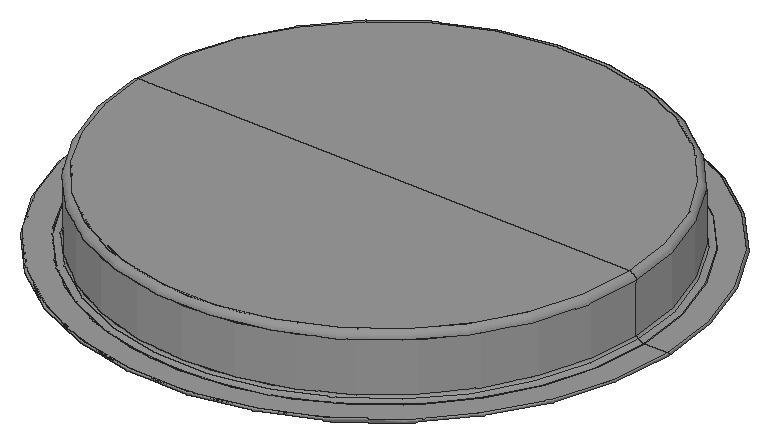
Revit family "MIA12_63_UN_Downlighter_ETK", category Lighting Fixtures, Revit 2017 (continued)
Definition of nested family "MIA.1 - Lightsource"
  Types (8, lengths in mm): name | Wattage | built-in parameter 1150134 | Photometric Web File | built-in parameter 1150142 | built-in parameter 1150105 | Lumens | built-in parameter 1150107 | built-in parameter 1150106
    MIA.1260.25/35 -  Ø180 / 10W / 1100lm / 4000K | 7.40531 W | 12 | "MIA.1263.25_LDT.ies" | "IESNA91\r\n[MANUFAC]  www.etk.nl\r\n[LUMCAT] MIA.1263.25\r\n[LUMINAIRE] MIA.1 LED 10W 4000K ø180 1000Lm alu  Dimbaar DALI\r\n[LAMP] LED\r\n[CHANGED] this file converted to 'ies' from 'ldt' by IES Viewer v2.99n    (C) Andrey Legotin\r\nTILT=NONE\r\n1 1050 1.05 181 24 1 2 0 -0.16 0\r\n1 1 10\r\n0 1 2 3 4 5 6 7 8 9 10 11 12 13 14 15 16 17 18 19 20 21 22 \r\n23 24 25 26 27 28 29 30 31 32 33 34 35 36 37 38 39 40 41 42 \r\n43 44 45 46 47 48 49 50 51 52 53 54 55 56 57 58 59 60 61 62 \r\n63 64 65 66 67 68 69 70 71 72 73 74 75 76 77 78 79 80 81 82 \r\n83 84 85 86 87 88 89 90 91 92 93 94 95 96 97 98 99 100 101 \r\n102 103 104 105 106 107 108 109 110 111 112 113 114 115 116 \r\n117 118 119 120 121 122 123 124 125 126 127 128 129 130 131 \r\n132 133 134 135 136 137 138 139 140 141 142 143 144 145 146 \r\n147 148 149 150 151 152 153 154 155 156 157 158 159 160 161 \r\n162 163 164 165 166 167 168 169 170 171 172 173 174 175 176 \r\n177 178 179 180 \r\n0 15 30 45 60 75 90 105 120 135 150 165 180 195 210 225 240 \r\n255 270 285 300 315 330 345 \r\n346.7666 346.96 346.9237 346.8029 346.1864 346.1139 \r\n345.4611 344.9293 344.1073 343.7931 342.8381 341.5206 \r\n340.2635 338.6317 336.9394 334.9934 332.5879 331.4638 \r\n329.7474 327.3661 325.1541 322.652 320.5125 317.95 314.9523 \r\n312.4018 309.4524 306.3459 303.0098 300.0121 296.9539 \r\n293.2189 289.5322 285.8697 282.0742 278.2546 274.6283 \r\n270.7845 266.8198 262.4199 258.3706 253.9466 249.5588 \r\n245.2315 240.2393 235.6219 230.9924 226.387 222.0839 \r\n216.6203 211.3381 206.5031 201.3659 196.3858 190.9223 \r\n185.8334 180.3941 175.0635 169.6483 163.8342 159.0112 \r\n153.318 147.4193 142.0525 136.4559 130.8473 125.0695 \r\n119.3884 113.7314 108.0865 102.4417 96.9298 91.3212 85.5675 \r\n80.1402 74.6283 69.1285 63.4715 58.1651 52.7257 47.3951 \r\n42.2217 37.0241 31.9231 26.8343 21.8421 16.9588 12.1721 \r\n7.5063 3.1911 0.7857 0.133 0.1209 0.1209 0.1209 0.1209 \r\n0.1209 0.1209 0.1209 0.1209 0.1209 0.133 0.1451 0.1571 \r\n0.1571 0.1692 0.1692 0.1813 0.1813 0.2055 0.2055 0.2176 \r\n0.2297 0.2418 0.2538 0.2659 0.2659 0.278 0.278 0.2901 \r\n0.3022 0.3264 0.3264 0.3143 0.3264 0.3385 0.3505 0.3505 \r\n0.3626 0.3747 0.3868 0.3868 0.3989 0.411 0.411 0.411 0.4352 \r\n0.4352 0.4352 0.4472 0.4472 0.4593 0.4714 0.4714 0.4835 \r\n0.4956 0.4956 0.4956 0.5077 0.5077 0.5077 0.5077 0.5198 \r\n0.5198 0.5198 0.5319 0.5319 0.5319 0.5319 0.5319 0.5319 \r\n0.5319 0.5319 0.5319 0.5319 0.5319 0.5319 0.556 0.556 0.556 \r\n0.556 0.6044 0.6165 0.6406 0.6406 0.6527 0.6527 0.6527 \r\n0.6527 0.6527 0.6406 \r\n348.3742 347.7578 349.2083 348.2413 348.0962 346.9842 \r\n346.5248 345.9084 346.0172 344.8326 343.6964 343.6722 \r\n341.0734 340.3119 338.2812 336.3472 334.5582 332.9868 \r\n331.1374 328.3936 327.2936 324.5739 321.3828 319.6059 \r\n316.4632 313.7314 311.4469 307.7602 305.0526 301.9098 \r\n298.6341 295.1287 291.7442 287.7674 284.5401 280.5633 \r\n276.9733 273.3954 269.0801 264.6924 260.6551 256.6421 \r\n252.1818 247.1776 243.092 238.535 234.0868 229.3122 \r\n224.4772 218.8807 213.2842 207.6877 202.5867 197.6067 \r\n192.7958 187.5378 181.9413 176.3447 170.8933 165.466 \r\n160.0266 154.6356 149.0632 143.4667 137.9669 132.455 \r\n126.931 120.7784 115.1698 109.6337 103.9768 98.2594 92.5299 \r\n86.9213 81.4094 75.9579 70.3856 64.9462 59.4585 54.14 \r\n48.7731 43.503 38.2086 33.0835 28.0189 23.063 18.0708 \r\n13.1875 8.4854 3.9889 1.1483 0.0967 0.0967 0.1088 0.1088 \r\n0.1088 0.1209 0.1209 0.1209 0.133 0.1451 0.1571 0.1692 \r\n0.1692 0.1813 0.1934 0.1934 0.2055 0.2176 0.2297 0.2297 \r\n0.2418 0.2538 0.2659 0.278 0.278 0.2901 0.3022 0.3143 \r\n0.3264 0.3264 0.3385 0.3505 0.3626 0.3626 0.3626 0.3747 \r\n0.3868 0.3989 0.3989 0.411 0.4231 0.4231 0.4352 0.4352 \r\n0.4472 0.4593 0.4593 0.4714 0.4714 0.4835 0.4956 0.5077 \r\n0.5077 0.5077 0.5077 0.5077 0.5319 0.5319 0.5319 0.5319 \r\n0.5319 0.5319 0.5319 0.5319 0.5319 0.5319 0.5439 0.5439 \r\n0.5439 0.5439 0.5439 0.5439 0.5439 0.556 0.556 0.556 0.5681 \r\n0.5681 0.5802 0.6044 0.6044 0.6165 0.6165 0.6165 0.6286 \r\n0.6286 0.6406 0.6286 0.6286 0.6406 \r\n347.794 348.1083 348.0479 347.7336 347.5402 347.6973 \r\n346.8512 346.0293 345.7512 344.5667 343.7326 342.5964 \r\n341.2426 340.0218 338.5229 336.9394 335.0538 333.4341 \r\n331.5363 329.2518 327.5837 324.719 322.2048 319.896 \r\n317.1401 313.816 311.193 308.3887 305.3427 301.8494 \r\n298.8396 295.2133 291.297 288.263 284.528 280.6237 276.6348 \r\n273.1415 269.4669 265.466 260.3409 256.5333 251.7104 \r\n247.0809 242.8865 238.8372 234.2198 228.9617 224.2717 \r\n219.2917 213.9369 209.2711 204.5207 198.9121 193.6178 \r\n188.5289 183.2346 177.3722 172.1383 166.6747 161.1749 \r\n156.1102 150.2115 144.5546 138.8614 133.3495 127.9101 \r\n121.9872 116.4511 110.7579 105.0647 99.3714 93.9562 88.3476 \r\n82.8357 77.1909 71.6306 66.1187 60.776 55.2037 49.7885 \r\n44.5908 39.3086 34.0868 28.9738 23.9333 18.9532 14.1182 \r\n9.3074 4.7625 1.4747 0.133 0.1209 0.1209 0.1209 0.1209 \r\n0.1209 0.1209 0.1209 0.1209 0.1209 0.1209 0.1451 0.1571 \r\n0.1571 0.1571 0.1692 0.1813 0.1934 0.2055 0.2055 0.2176 \r\n0.2297 0.2418 0.2418 0.2538 0.2659 0.278 0.278 0.2901 \r\n0.3022 0.3143 0.3264 0.3264 0.3264 0.3264 0.3385 0.3505 \r\n0.3626 0.3626 0.3868 0.3868 0.3989 0.3989 0.411 0.411 \r\n0.4352 0.4352 0.4352 0.4472 0.4472 0.4593 0.4714 0.4714 \r\n0.4835 0.4956 0.4956 0.5077 0.5077 0.5077 0.5077 0.5077 \r\n0.5198 0.5198 0.5319 0.5319 0.5319 0.5319 0.5319 0.5319 \r\n0.5439 0.5439 0.5439 0.5439 0.5439 0.5439 0.5439 0.556 \r\n0.556 0.556 0.5681 0.6044 0.6286 0.6406 0.6527 0.6648 \r\n0.6648 0.6769 0.6769 0.6648 0.6406 \r\n346.5369 347.8666 347.2017 346.4161 346.3798 346.4886 \r\n346.3677 345.8359 344.8205 344.7963 343.5755 342.0887 \r\n340.88 339.6591 338.8009 337.701 334.9208 332.9868 330.8594 \r\n328.865 327.487 324.2355 322.3861 319.6422 317.539 315.1819 \r\n311.2897 308.0019 304.7504 302.3087 299.166 295.999 \r\n292.2761 289.0971 285.7367 281.8808 277.7106 274.0602 \r\n269.89 265.7198 261.6826 257.0893 252.762 249.2929 244.0832 \r\n239.4416 234.7758 230.1946 225.553 220.0169 214.4688 \r\n208.9448 204.0977 199.0209 193.8595 188.6136 182.9929 \r\n177.6744 172.38 166.8923 161.465 156.1465 150.5137 144.893 \r\n139.369 133.7121 127.6804 122.3136 116.7533 111.0963 \r\n105.5482 99.7462 94.1376 88.4564 82.9808 77.3963 71.7515 \r\n66.4209 60.8365 55.6388 50.1511 44.8205 39.5383 34.4978 \r\n29.3485 24.3201 19.2917 14.36 9.6821 5.0284 1.5956 0.1088 \r\n0.0967 0.1088 0.1088 0.1209 0.1209 0.1209 0.133 0.1451 \r\n0.1451 0.1571 0.1571 0.1813 0.1813 0.1934 0.1934 0.2055 \r\n0.2176 0.2297 0.2418 0.2418 0.2538 0.2659 0.278 0.2901 \r\n0.2901 0.3143 0.3143 0.3264 0.3385 0.3385 0.3505 0.3626 \r\n0.3626 0.3747 0.3747 0.3868 0.3868 0.3989 0.411 0.4231 \r\n0.4231 0.4231 0.4352 0.4352 0.4352 0.4472 0.4593 0.4593 \r\n0.4714 0.4835 0.4956 0.5077 0.5077 0.5077 0.5198 0.5198 \r\n0.5198 0.5198 0.5198 0.5198 0.5198 0.5319 0.5319 0.5319 \r\n0.5319 0.5319 0.5319 0.5319 0.5439 0.5439 0.5439 0.5439 \r\n0.556 0.556 0.5681 0.5681 0.5802 0.5923 0.6044 0.6044 \r\n0.6165 0.6165 0.6286 0.6286 0.6406 0.6406 0.6406 0.6406 \r\n0.6406 \r\n347.0688 347.5402 348.0358 348.3501 348.2413 347.1655 \r\n346.7787 347.2259 345.8721 345.0381 343.9744 342.3788 \r\n341.3514 339.6229 338.7526 337.3142 335.1988 333.0956 \r\n330.8836 329.0221 327.1123 324.7069 322.2168 319.1708 \r\n317.1401 314.5655 311.3139 308.7151 305.3669 302.212 \r\n299.2747 295.5397 291.986 288.6377 284.9631 280.9017 \r\n277.348 273.5646 269.7208 265.611 261.1024 256.9201 \r\n252.4115 247.6611 243.2733 238.8734 233.7363 229.3606 \r\n224.586 219.3279 214.6863 209.5975 204.6416 199.3714 \r\n194.4035 189.0487 183.4159 178.1458 172.7306 166.9527 \r\n161.6584 156.2553 150.6829 145.0502 139.4778 133.8813 \r\n128.321 122.5553 117.1401 111.4469 105.7416 100.0363 \r\n94.3914 88.5894 83.1863 77.6139 72.0053 66.6143 60.9573 \r\n55.663 50.3324 45.0018 39.8163 34.5703 29.4331 24.4168 \r\n19.4246 14.5413 9.7667 5.1735 1.6439 0.1692 0.1209 0.1088 \r\n0.1088 0.1088 0.1088 0.1088 0.1088 0.1088 0.1209 0.1209 \r\n0.1451 0.1451 0.1571 0.1571 0.1692 0.1813 0.1813 0.2055 \r\n0.2176 0.2176 0.2297 0.2297 0.2418 0.2538 0.2659 0.278 \r\n0.278 0.2901 0.3022 0.3264 0.3264 0.3264 0.3264 0.3385 \r\n0.3505 0.3505 0.3626 0.3747 0.3747 0.3868 0.3989 0.411 \r\n0.411 0.411 0.4352 0.4352 0.4472 0.4352 0.4352 0.4472 \r\n0.4472 0.4593 0.4593 0.4714 0.4714 0.4956 0.4956 0.5077 \r\n0.5077 0.5077 0.5198 0.5198 0.5198 0.5319 0.5319 0.5319 \r\n0.5319 0.5319 0.5319 0.5319 0.5319 0.5319 0.5319 0.5439 \r\n0.5439 0.5439 0.556 0.556 0.5681 0.6044 0.6286 0.6406 \r\n0.6527 0.6648 0.6769 0.6769 0.6769 0.6648 0.6406 \r\n347.794 348.1687 348.2654 347.4677 348.2171 347.238 \r\n347.3105 347.3105 345.6425 345.0743 343.9502 343.2975 \r\n341.9074 340.1185 338.7888 337.3504 335.7186 333.7 331.633 \r\n329.8078 327.7408 325.0453 322.7124 320.0894 317.5632 \r\n314.3962 312.3414 308.5459 305.8262 302.3329 299.7824 \r\n296.3133 293.0134 289.4597 285.4345 281.9896 277.904 \r\n274.4712 270.3493 266.6022 262.2628 257.6695 253.1125 \r\n248.8577 244.6392 239.8888 235.3197 230.3759 225.8189 \r\n220.2708 214.7226 209.1744 203.9043 198.9605 193.8716 \r\n188.6015 183.2588 177.7832 172.3438 167.0615 161.5134 \r\n155.9289 150.3203 144.5788 139.1394 133.4462 127.8134 \r\n122.1322 116.4995 110.7579 105.1855 99.6374 93.92 88.3114 \r\n82.7874 76.9491 71.3889 66.0703 60.5584 55.2158 49.8852 \r\n44.5304 39.2723 34.0505 28.9496 23.9454 18.929 14.1061 \r\n9.3557 4.7625 1.4505 0.1088 0.1088 0.1088 0.1088 0.1209 \r\n0.1209 0.1209 0.133 0.1451 0.1571 0.1571 0.1692 0.1813 \r\n0.1813 0.1934 0.2055 0.2176 0.2176 0.2297 0.2418 0.2538 \r\n0.2659 0.2659 0.278 0.2901 0.3022 0.3143 0.3264 0.3264 \r\n0.3385 0.3505 0.3505 0.3626 0.3626 0.3747 0.3747 0.3989 \r\n0.3989 0.411 0.4231 0.4352 0.4352 0.4352 0.4472 0.4472 \r\n0.4593 0.4714 0.4714 0.4835 0.4835 0.4956 0.5077 0.5077 \r\n0.5077 0.5198 0.5077 0.5198 0.5198 0.5319 0.5319 0.5319 \r\n0.5319 0.5319 0.5319 0.5319 0.5319 0.5319 0.5319 0.5439 \r\n0.5439 0.5439 0.5439 0.556 0.556 0.5681 0.5681 0.5802 \r\n0.5802 0.5923 0.6044 0.6165 0.6286 0.6286 0.6406 0.6406 \r\n0.6527 0.6648 0.6527 0.6527 0.6406 \r\n347.4918 347.4556 347.0325 346.9842 346.5611 346.2589 \r\n344.7842 343.3579 342.959 342.2338 341.025 339.9613 \r\n338.6438 336.9515 335.1868 333.3253 331.5363 329.699 \r\n327.4387 324.586 322.0355 320.3554 317.6599 314.3962 \r\n312.1963 309.1502 306.08 302.9494 299.6011 296.7243 \r\n293.6299 289.7256 286.0389 282.8841 279.4029 275.3656 \r\n271.7877 267.5571 263.3627 259.2893 254.8773 250.9489 \r\n246.3314 242.0283 237.4109 232.9626 228.3694 223.6553 \r\n218.2401 212.8128 207.3855 202.0065 197.5946 192.1794 \r\n187.2235 182.1709 176.8645 171.6548 166.5297 161.054 \r\n155.4938 150.0665 144.8447 139.5141 133.8692 128.1035 \r\n122.7004 117.1643 111.7853 106.2976 100.8703 95.3705 \r\n89.9553 84.5038 79.2457 73.6976 68.2098 63.0726 57.7058 \r\n52.5565 47.3589 42.3426 37.3021 32.3462 27.4628 22.6278 \r\n17.9016 13.1996 8.6667 4.2669 1.2571 0.0484 0.0604 0.0604 \r\n0.0725 0.0604 0.0725 0.0846 0.0846 0.0967 0.0967 0.1088 \r\n0.1209 0.1209 0.133 0.1451 0.1451 0.1571 0.1692 0.1813 \r\n0.1813 0.1934 0.2055 0.2055 0.2176 0.2297 0.2418 0.2418 \r\n0.2538 0.2538 0.2659 0.278 0.278 0.2901 0.3022 0.3022 \r\n0.3143 0.3143 0.3264 0.3264 0.3385 0.3505 0.3626 0.3626 \r\n0.3626 0.3747 0.3747 0.3868 0.3989 0.411 0.411 0.4231 \r\n0.4352 0.4352 0.4472 0.4472 0.4593 0.4593 0.4714 0.4714 \r\n0.4714 0.4835 0.4835 0.4956 0.4835 0.4956 0.5077 0.5077 \r\n0.5319 0.5319 0.5439 0.5439 0.556 0.5681 0.5802 0.5802 \r\n0.5923 0.6044 0.6165 0.6165 0.6165 0.6286 0.6286 0.6286 \r\n0.6406 0.6406 0.6406 0.6406 0.6406 0.6406 0.6406 \r\n348.6764 348.9907 348.3863 347.516 346.8029 346.4886 \r\n345.8359 345.0864 344.0348 342.8986 341.6173 340.3239 \r\n339.3449 337.2295 335.2955 333.3132 331.6814 329.3122 \r\n327.7408 325.4321 322.7487 320.4883 318.2159 315.6896 \r\n312.2809 309.3557 306.6965 303.8317 300.0242 296.5551 \r\n292.7475 289.6531 285.8697 282.5819 278.4117 274.9547 \r\n271.413 267.3758 263.121 258.6486 254.2367 249.9819 \r\n245.3282 240.5173 236.1779 231.8869 226.8101 222.1806 \r\n217.3456 212.4501 207.6756 202.5746 197.6188 192.1552 \r\n187.1026 182.1105 176.8766 171.5218 166.1912 160.5222 \r\n155.5663 149.8489 144.204 138.7767 133.2165 127.7167 \r\n122.096 116.717 111.2172 105.7053 100.2055 94.6211 89.2784 \r\n83.8511 78.3392 72.9844 67.5209 62.2749 56.9564 51.928 \r\n46.6699 41.569 36.5043 31.4517 26.6892 21.818 16.9588 \r\n12.3776 7.8206 3.5537 0.9428 0.0967 0.0725 0.0725 0.0725 \r\n0.0725 0.0725 0.0725 0.0725 0.0725 0.0846 0.0967 0.0967 \r\n0.0967 0.1088 0.1209 0.133 0.133 0.1451 0.1571 0.1571 \r\n0.1692 0.1813 0.1813 0.1934 0.2055 0.2176 0.2176 0.2297 \r\n0.2418 0.2418 0.2538 0.2659 0.2659 0.278 0.278 0.2901 \r\n0.2901 0.3022 0.3143 0.3143 0.3264 0.3264 0.3385 0.3385 \r\n0.3505 0.3505 0.3626 0.3626 0.3868 0.3868 0.3989 0.3989 \r\n0.411 0.4231 0.4231 0.4472 0.4352 0.4352 0.4472 0.4472 \r\n0.4472 0.4472 0.4593 0.4593 0.4593 0.4714 0.4956 0.4956 \r\n0.5077 0.5077 0.5198 0.5319 0.5439 0.556 0.556 0.5681 \r\n0.5681 0.5802 0.5923 0.6286 0.6286 0.6406 0.6406 0.6527 \r\n0.6648 0.6648 0.6648 0.6648 0.6406 0.6406 \r\n347.5281 347.5281 347.8424 347.9391 347.4677 346.3677 \r\n346.5853 345.2798 343.7326 342.5118 341.4723 339.8525 \r\n338.5592 336.746 335.0659 333.6396 331.2704 329.421 \r\n326.5925 325.1541 322.7971 320.4762 317.6236 314.7589 \r\n311.5919 308.5338 305.8866 302.5867 299.5286 295.9869 \r\n292.9288 289.1092 285.4829 281.9171 278.2787 274.314 \r\n270.2526 265.9857 262.3957 258.0322 254.2971 248.894 \r\n244.9414 240.2514 235.8153 231.0045 226.4717 221.1531 \r\n215.8346 210.5161 205.669 200.8824 195.3584 190.5113 \r\n185.3983 180.3941 174.5558 169.5999 164.3297 158.9871 \r\n153.5114 147.9512 142.4876 137.0966 131.5001 125.9761 \r\n120.4883 114.8918 109.6217 103.9647 98.5737 93.1464 87.5378 \r\n82.2072 76.8766 71.3647 66.0462 60.8365 55.5663 50.3445 \r\n45.2315 40.1668 35.0296 30.0616 25.2508 20.4279 15.7863 \r\n11.1205 6.6119 2.5505 0.4835 0.0484 0.0484 0.0604 0.0604 \r\n0.0725 0.0725 0.0846 0.0846 0.0967 0.0967 0.1088 0.1209 \r\n0.1209 0.133 0.1451 0.1571 0.1571 0.1692 0.1813 0.1934 \r\n0.1934 0.2055 0.2055 0.2176 0.2297 0.2418 0.2418 0.2538 \r\n0.2538 0.2659 0.278 0.278 0.2901 0.2901 0.3022 0.3143 \r\n0.3143 0.3264 0.3264 0.3385 0.3385 0.3505 0.3505 0.3626 \r\n0.3626 0.3747 0.3868 0.3989 0.3989 0.411 0.4231 0.4231 \r\n0.4352 0.4472 0.4472 0.4593 0.4593 0.4593 0.4714 0.4714 \r\n0.4714 0.4714 0.4835 0.4835 0.4956 0.5077 0.5077 0.5198 \r\n0.5319 0.5439 0.5439 0.556 0.5681 0.5681 0.5802 0.5923 \r\n0.6044 0.6165 0.6165 0.6165 0.6165 0.6286 0.6286 0.6286 \r\n0.6286 0.6406 0.6286 0.6286 0.6286 0.6406 \r\n348.1083 347.3105 346.5974 346.4886 346.5248 345.9205 \r\n345.026 343.926 343.5876 342.0404 340.1064 339.2723 \r\n337.3625 336.1658 333.7121 331.9836 330.4243 328.0672 \r\n325.8552 323.2685 320.8872 317.9258 315.3753 312.5831 \r\n309.4162 306.7569 303.723 300.9187 297.9814 294.198 \r\n290.5838 286.9455 283.5247 279.693 276.1634 272.0658 \r\n268.0527 264.1605 259.8332 255.3487 250.961 246.7666 \r\n242.1733 238.124 233.6275 228.7562 223.752 218.8928 214.082 \r\n209.3557 204.5086 199.7099 194.4639 189.0608 183.6819 \r\n178.7622 173.1778 168.0527 162.7705 157.2344 151.9038 \r\n146.3556 140.9767 135.2714 130.1342 124.7311 119.1708 \r\n113.5138 108.014 102.5384 97.2803 91.708 86.1598 80.805 \r\n75.3052 69.9142 64.5473 59.3618 54.0916 49.0149 43.8051 \r\n38.8493 33.8088 28.8045 24.0421 19.2796 14.5534 9.8634 \r\n5.4756 1.8252 0.1813 0.0725 0.0725 0.0725 0.0725 0.0725 \r\n0.0725 0.0725 0.0725 0.0725 0.0967 0.0967 0.0967 0.0967 \r\n0.1088 0.1209 0.133 0.1451 0.1571 0.1571 0.1571 0.1692 \r\n0.1813 0.1813 0.2055 0.2055 0.2176 0.2176 0.2297 0.2418 \r\n0.2418 0.2538 0.2659 0.2659 0.2659 0.278 0.278 0.2901 \r\n0.3022 0.3143 0.3143 0.3264 0.3264 0.3264 0.3385 0.3385 \r\n0.3505 0.3626 0.3747 0.3868 0.3868 0.3989 0.3989 0.3989 \r\n0.411 0.4231 0.4352 0.4352 0.4472 0.4352 0.4472 0.4472 \r\n0.4472 0.4593 0.4593 0.4593 0.4714 0.4835 0.4835 0.4956 \r\n0.5077 0.5198 0.5198 0.5439 0.556 0.556 0.556 0.5681 0.5681 \r\n0.5923 0.6165 0.6286 0.6286 0.6286 0.6406 0.6406 0.6527 \r\n0.6527 0.6527 0.6406 0.6406 \r\n347.5765 347.3105 347.1534 347.0688 346.2589 345.2798 \r\n344.7963 343.8172 342.7535 341.6415 340.058 339.0548 \r\n337.1812 335.1505 333.2648 331.3913 329.4331 326.9552 \r\n324.9365 322.2894 320.0411
